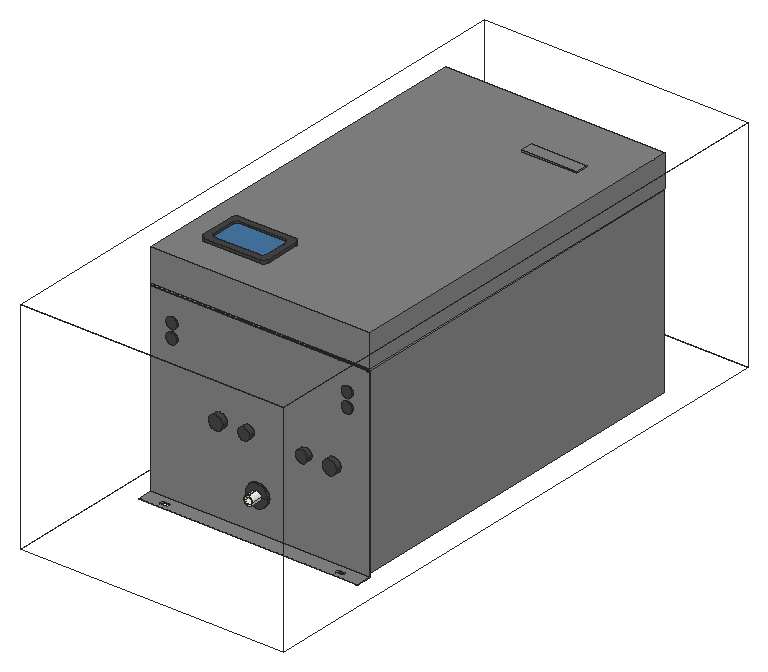
Revit family "Boiler-Weil_McLain-Simplicity-199MBH", category Mechanical Equipment, host Face, Revit 2020
Family settings
  Host = Face
  Round Connector Dimension = Use Diameter
  Part Type = Normal
  OmniClass Number = 23.75.10.11.14.14
  OmniClass Title = Condensing Boilers
  Cut with Voids When Loaded = No
  Shared = No
  Room Calculation Point = No
Parameters (values of type "199-C")
  Width = 1' - 8"  # constant formula
  Weight = "122 lb."  # constant formula
  Vent Option [instance] = if(and([Vent Connection - 2in], [Vent Connection - 3in]), "Select one Vent Option", if([Vent Connection - 2in], "Vent Connection | Size (2in)", if([Vent Connection - 3in], "Vent Connection | Size (3in)", "Select Vent Option")))  # "Select one Vent Option"
  Vent Material [instance] = "PVC (3\" only), CPVC, PP, SS"  # constant formula
  Vent Diameter [instance] = 3"  # constant formula
  Vent Description [instance] = "Intake Vent"  # constant formula
  Vent Connection - 3in [instance] = yes
  Vent Connection - 2in [instance] = yes
  Tank Capacity = "3.8 gal."  # constant formula
  Power Factor = 1  # constant formula
  Phase = 1  # constant formula
  Number of Poles = 1  # constant formula
  Model = "199-C"  # constant formula
  Maximum Input Rate = 150000.0 Btu/h
  Manufacturer = "Weil-McLain®"  # constant formula
  Keynote = ""
  Hot Water Connection Diameter = 3/4"  # constant formula
  Hot Water Connection Description = "Male NPT"  # constant formula
  Gas Supply Connection Diameter = 1/2"  # constant formula
  Gas Supply Connection Description = "Male NPT"  # constant formula
  Frequency = 60 Hz  # constant formula
  Exhaust Diameter [instance] = if([Vent Connection - 3in], 3", 2")  # 3"
  Exhaust Description [instance] = "Exhaust Vent"  # constant formula
  Copyright = "© Copyright - WM Technologies LLC 2015-2024"  # constant formula
  Condensate Tube Connection = 0' - 0 13/16"  # constant formula
  URL = "https://www.weil-mclain.com/"
  Product Page URL = ""
  Product Name = "Simplicity™"  # constant formula
  Product Documentation Link = ""
  Height = 2' - 10"  # constant formula
  Description = "Gas Boiler"  # constant formula
  Depth = 1' - 8"  # constant formula
  Default Elevation = 0' - 0"
  Clearance [instance] = yes
  Boiler Out Description = "Male NPT"  # constant formula
  Boiler Out Connection = 0' - 1"  # constant formula
  Boiler In Description = "Male NPT"  # constant formula
  Boiler In Connection = 0' - 1"  # constant formula
  Assembly Code = ""
Reference planes (in)
  plane 1 "Center (Front/Back)": y = 0.0592
  plane 2: z = 0
  plane 3 "Center (Left/Right)": x = 0
  plane 4: x = 10
  plane 5: x = -10
  plane 6: y = 17.0592
  plane 7: y = -16.9408
  plane 8: z = 20
Forms (in)
  Extrusion 1, solid, material "Metal - Weil McLain - Steel", detail levels fine
    sketch origin (0, 0, 0) x (0, 1, 0) y (0, 0, 1)
      loop
        line (-17.95, 0.05) -> (-17.95, 0) -> (-16.53, 0) -> (-16.53, 16.84205) -> (-16.58, 16.84205) -> (-16.58, 0.05) -> (-17.95, 0.05)
    from -10 to 10
  Extrusion 2, solid, material "Metal - Weil McLain - Steel", detail levels fine
    sketch origin (0, 0, 0) x (0, 1, 0) y (0, 0, 1)
      loop
        line (-16.5, 0.38) -> (17.00831, 0.38) -> (17.00831, 16.89102) -> (-16.5, 16.89102) -> (-16.5, 0.38)
    from -10 to 10
  Extrusion 3, solid, material "Metal - Weil McLain - Steel", detail levels fine
    sketch origin (0, 0, 3.95103) x (1, 0, 0) y (0, 1, 0)
      loop
        line (-9.75, -16.25) -> (9.75, -16.25) -> (9.75, 16.75831) -> (-9.75, 16.75831) -> (-9.75, -16.25)
    from 12.89102 to 13.04018
  Extrusion 4, solid, material "Metal - Weil McLain - Steel", detail levels fine
    sketch origin (0, 0, 0) x (0, 1, 0) y (0, 0, 1)
      loop
        line (-16.58, 17.04018) -> (17.0592, 17.04018) -> (17.0592, 20) -> (-16.58, 20) -> (-16.58, 17.04018)
    from -10 to 10
  Extrusion 5, solid, material "Metal - Weil McLain - Steel", detail levels fine
    sketch origin (0, 0, 0) x (1, 0, 0) y (0, 1, 0)
      loop
        line (1.98384, 11.92601) -> (1.98384, 10.77375) -> (7.01611, 10.77375) -> (7.01611, 11.92601) -> (1.98384, 11.92601)
    from 20 to 20.14023
  Extrusion 6, solid, material "Metal - Weil-Mclain - Paint Black", detail levels fine
    sketch origin (0, 0, 0) x (1, 0, 0) y (0, 1, 0)
      loop
        arc (-7.94958, -13.06472) -> (-7.81376, -13.39262) -> (-7.48586, -13.52843) r 0.46371
        line (-7.48586, -13.52843) -> (-2.49586, -13.52843)
        arc (-2.49586, -13.52843) -> (-2.16797, -13.39262) -> (-2.03215, -13.06472) r 0.46371
        line (-2.03215, -13.06472) -> (-2.03215, -9.97872)
        arc (-2.03215, -9.97872) -> (-2.16797, -9.65083) -> (-2.49586, -9.51501) r 0.46371
        line (-2.49586, -9.51501) -> (-7.48586, -9.51501)
        arc (-7.48586, -9.51501) -> (-7.81376, -9.65083) -> (-7.94958, -9.97872) r 0.46371
        line (-7.94958, -9.97872) -> (-7.94958, -13.06472)
      loop
        arc (-7.02967, -10.06188) -> (-7.29344, -10.17114) -> (-7.4027, -10.43492) r 0.37303
        line (-7.4027, -10.43492) -> (-7.4027, -12.60853)
        arc (-7.4027, -12.60853) -> (-7.29344, -12.8723) -> (-7.02967, -12.98156) r 0.37303
        line (-7.02967, -12.98156) -> (-2.95206, -12.98156)
        arc (-2.95206, -12.98156) -> (-2.68828, -12.8723) -> (-2.57902, -12.60853) r 0.37303
        line (-2.57902, -12.60853) -> (-2.57902, -10.43492)
        arc (-2.57902, -10.43492) -> (-2.68828, -10.17114) -> (-2.95206, -10.06188) r 0.37303
        line (-2.95206, -10.06188) -> (-7.02967, -10.06188)
    from 20 to 20.25
  Extrusion 7, solid, material "Screen - Weil-McLain - Display Screen", detail levels fine
    sketch origin (0, 0, 0) x (1, 0, 0) y (0, 1, 0)
      loop
        arc (-7.02967, -10.06188) -> (-7.29344, -10.17114) -> (-7.4027, -10.43492) r 0.37303
        line (-7.4027, -10.43492) -> (-7.4027, -12.60853)
        arc (-7.4027, -12.60853) -> (-7.29344, -12.8723) -> (-7.02967, -12.98156) r 0.37303
        line (-7.02967, -12.98156) -> (-2.95206, -12.98156)
        arc (-2.95206, -12.98156) -> (-2.68828, -12.8723) -> (-2.57902, -12.60853) r 0.37303
        line (-2.57902, -12.60853) -> (-2.57902, -10.43492)
        arc (-2.57902, -10.43492) -> (-2.68828, -10.17114) -> (-2.95206, -10.06188) r 0.37303
        line (-2.95206, -10.06188) -> (-7.02967, -10.06188)
    from 20.13392 to 20
  Extrusion 8, void
    sketch origin (0, 0, 0) x (1, 0, 0) y (0, 1, 0)
      loop
        arc (-8.2, -17.26) -> (-8.39, -17.45) -> (-8.2, -17.64) r 0.19
        line (-8.2, -17.64) -> (-7.8, -17.64)
        arc (-7.8, -17.64) -> (-7.61, -17.45) -> (-7.8, -17.26) r 0.19
        line (-7.8, -17.26) -> (-8.2, -17.26)
      loop
        line (8.2, -17.26) -> (7.8, -17.26)
        arc (7.8, -17.26) -> (7.61, -17.45) -> (7.8, -17.64) r 0.19
        line (7.8, -17.64) -> (8.2, -17.64)
        arc (8.2, -17.64) -> (8.39, -17.45) -> (8.2, -17.26) r 0.19
    from 0 to 0.05
  Revolve 9, solid, material "Plastic - Weil-Mclain - Plastic - White", detail levels fine
    sketch origin (-1.375, 0, 4.8292) x (1, 0, 0) y (0, 1, 0)
      loop
        line (-1.95042, 19.02347) -> (-2.15917, 19.02347) -> (-2.15917, 17.0592) -> (-2.07367, 17.0592) -> (-2.04525, 17.22036) -> (-1.86589, 17.22036) -> (-1.86589, 17.66953) -> (-2.00044, 17.66953) -> (-2.00044, 17.74151) -> (-1.86589, 17.74151) -> (-1.86589, 18.74094) -> (-2.05958, 18.74094) -> (-2.05958, 18.81242) -> (-1.95042, 18.81242) -> (-1.95042, 19.02347)
      axis (-3.82542, 19.02347) -> (-3.82542, 17.0592)
    angle from 0 to 360
  Extrusion 10, solid, material "Metal - Weil-Mclain - Paint Black"
    sketch origin (0, 0.0592, 6.27184) x (1, 0, 0) y (0, 0, 1)
      loop
        circle (8.20597, 5.24113) r 0.45217
      loop
        circle (8.20597, 6.49113) r 0.45217
    from -17.03422 to -16.94911
  Extrusion 11, solid, material "Plastic - Weil-Mclain - Plastic - White", detail levels fine
    sketch origin (-1.71578, 0.0592, 0) x (1, 0, 0) y (0, 0, 1)
      loop
        arc (4.6635, 6.24768) -> (4.37522, 6.94363) -> (3.67926, 7.23191) r 0.98423
        line (3.67926, 7.23191) -> (0.95634, 7.23191)
        arc (0.95634, 7.23191) -> (0.26038, 6.94363) -> (-0.02789, 6.24768) r 0.98423
        line (-0.02789, 6.24768) -> (-0.02789, 3.54539)
        arc (-0.02789, 3.54539) -> (0.26038, 2.84944) -> (0.95634, 2.56116) r 0.98423
        line (0.95634, 2.56116) -> (3.67926, 2.56116)
        arc (3.67926, 2.56116) -> (4.37522, 2.84944) -> (4.6635, 3.54539) r 0.98423
        line (4.6635, 3.54539) -> (4.6635, 6.24768)
    from -17.13512 to -16.94911
  Revolve 12, solid, material "Plastic - Weil-Mclain - Plastic - White", detail levels fine
    sketch origin (-1.71578, 0, 4.875) x (1, 0, 0) y (0, 1, 0)
      loop
        line (0.68305, 22.10073) -> (0.43305, 22.10073)
        arc (0.43305, 22.10073) -> (0.22277, 22.03443) -> (0.08855, 21.85951) r 0.36661
        line (0.08855, 21.85951) -> (0.08855, 19.6839) -> (0.16958, 19.6839)
        arc (0.16958, 19.6839) -> (0.31054, 18.47275) -> (0.08543, 17.27438) r 4.05896
        line (0.08543, 17.27438) -> (0.40659, 17.27438) -> (0.40659, 17.19432) -> (0.59409, 17.19432) -> (0.59409, 17.46188) -> (0.34112, 17.46188)
        arc (0.34112, 17.46188) -> (0.50016, 18.66888) -> (0.3102, 19.8714) r 4.24646
        line (0.3102, 19.8714) -> (0.27605, 19.8714) -> (0.27605, 21.82032)
        arc (0.27605, 21.82032) -> (0.34183, 21.88826) -> (0.43305, 21.91323) r 0.17911
        line (0.43305, 21.91323) -> (0.68305, 21.91323) -> (0.68305, 22.10073)
      axis (2.3178, 22.10073) -> (2.3178, 17.19432)
    angle from 0 to 360
  Revolve 13, solid, material "Plastic - Weil-Mclain - Plastic - White", detail levels fine
    sketch origin (0.60202, 0.03125, 0) x (0, 1, 0) y (0, 0, 1)
      loop
        line (18.0902, 7.61309) -> (17.73588, 7.70803) -> (17.33987, 6.99362) -> (17.65117, 6.82106) -> (18.0902, 7.61309)
      axis (18.0902, 7.61309) -> (17.65117, 6.82106)
    angle from 0 to 360
  Extrusion 14, solid, material "Metal - Weil-Mclain - Paint Black"
    sketch origin (-1.14081, 0.0592, -5.45044) x (1, 0, 0) y (0, 0, 1)
      loop
        circle (-2.52962, 13.53164) r 0.64429
      loop
        circle (7.84538, 13.53164) r 0.64429
      loop
        circle (0.03881, 13.51708) r 0.5457
      loop
        circle (5.28881, 13.51708) r 0.5457
    from 16.6392 to 17.11699
  Extrusion 15, solid, material "Metal - Weil-Mclain - Paint Black"
    sketch origin (0, 0.0592, 0) x (1, 0, 0) y (0, 0, 1)
      loop
        circle (-8.01941, 14.5211) r 0.5
      loop
        circle (-8.01941, 13.2711) r 0.5
      loop
        circle (7.97002, 14.50975) r 0.5
      loop
        circle (7.97002, 13.24113) r 0.5
    from 16.6392 to 16.71543
  Revolve 16, solid, material "Plastic - Weil-Mclain - Plastic - White"
    sketch origin (-2.45326, 0, 3.20657) x (1, 0, 0) y (0, 1, 0)
      loop
        line (1.29, -16.77) -> (1.88299, -16.77) -> (1.88299, -17.71272) -> (1.96183, -17.71272) -> (1.96183, -16.58) -> (1.29, -16.58) -> (1.29, -16.77)
      axis (2.29, -17.71272) -> (2.29, -16.58)
    angle from 0 to 360
  Extrusion 17, solid, material "Metal - Weil McLain - Steel", detail levels coarse+medium
    sketch origin (0, 0, 0) x (1, 0, 0) y (0, 1, 0)
      loop
        line (-10, 17.0592) -> (-10, -16.58) -> (10, -16.58) -> (10, 17.0592) -> (-10, 17.0592)
    from 0 to 20
  Extrusion 18, solid, material "Metal - Weil McLain - Steel", detail levels coarse+medium
    sketch origin (0, 0, 0) x (0, 1, 0) y (0, 0, 1)
      loop
        line (-17.95, 0.05) -> (-17.95, 0) -> (-16.58, 0) -> (-16.58, 0.05) -> (-17.95, 0.05)
    from -10 to 10
  Revolve 19, solid, material "Metal - Weil-Mclain - Paint Black", detail levels coarse+medium
    sketch origin (-0.95166, 0, 12.96639) x (1, 0, 0) y (0, 1, 0)
      loop
        line (-6.51775, 20.94111) -> (-6.93731, 20.94111) -> (-6.93731, 17.24665) -> (-7.51124, 17.24665) -> (-7.51124, 17.0592) -> (-6.51775, 17.0592) -> (-6.51775, 20.94111)
      axis (-6.51775, 17.0592) -> (-6.51775, 20.94111)
    angle from 0 to 360
  Revolve 20, solid, material "Plastic - Weil-Mclain - Plastic - White", detail levels coarse+medium
    sketch origin (-1.375, 0, 4.85122) x (1, 0, 0) y (0, 1, 0)
      loop
        line (-5.70042, 19.02347) -> (-5.70042, 17.0592) -> (-3.82542, 17.0592) -> (-3.82542, 19.02347) -> (-5.70042, 19.02347)
      axis (-3.82542, 17.0592) -> (-3.82542, 19.02347)
    angle from 0 to 360
  Revolve 21, solid, material "Plastic - Weil-Mclain - Plastic - White", detail levels coarse+medium
    sketch origin (-1.71875, 0, 4.86996) x (1, 0, 0) y (0, 1, 0)
      loop
        line (2.3178, 22.10073) -> (0, 22.10073) -> (0, 17.0592) -> (2.3178, 17.0592) -> (2.3178, 22.10073)
      axis (2.3178, 17.0592) -> (2.3178, 22.10073)
    angle from 0 to 360
  Revolve 22, solid, material "Metal - Weil McLain - Steel", detail levels coarse+medium
    sketch origin (0, 0, 8.07263) x (1, 0, 0) y (0, 1, 0)
      loop
        line (6.71196, 18.69716) -> (6.14885, 18.69716) -> (6.14885, 17.0592) -> (6.71196, 17.0592) -> (6.71196, 18.69716)
      axis (6.71196, 18.69716) -> (6.71196, 17.0592)
    angle from 0 to 360
  Extrusion 23, solid, material "Clearances - Weil McLain", visible <- "Clearance"
    sketch origin (0, 0, 0) x (1, 0, 0) y (0, 1, 0)
      loop
        line (-12, 24.10073) -> (-12, -28.9408) -> (12, -28.9408) -> (12, 24.10073) -> (-12, 24.10073)
    from 0 to 20
  Revolve 24, solid, material "Plastic - Weil-Mclain - Plastic - White", detail levels fine
    sketch origin (-1.375, 0, 4.8292) x (1, 0, 0) y (0, 1, 0)
      loop
        line (-1.95042, 19.02347) -> (-2.15917, 19.02347) -> (-2.15917, 17.0592) -> (-2.07367, 17.0592) -> (-2.04525, 17.22036) -> (-1.86589, 17.22036) -> (-1.86589, 17.66953) -> (-2.00044, 17.66953) -> (-2.00044, 17.74151) -> (-1.86589, 17.74151) -> (-1.86589, 18.74094) -> (-2.05958, 18.74094) -> (-2.05958, 18.81242) -> (-1.95042, 18.81242) -> (-1.95042, 19.02347)
      axis (-3.82542, 19.02347) -> (-3.82542, 17.0592)
    angle from 0 to 360
  Extrusion 25, solid, material "Plastic - Weil-Mclain - Plastic - White", detail levels fine
    sketch origin (-1.375, 0.0592, -0.0625) x (1, 0, 0) y (0, 0, 1)
      loop
        arc (-2.55267, 6.96483) -> (-2.99083, 7.45007) -> (-3.63053, 7.31504) r 0.6554
        arc (-3.63053, 7.31504) -> (-5.39307, 6.70986) -> (-6.23766, 5.0487) r 2.48201
        arc (-6.23766, 5.0487) -> (-6.46728, 4.34742) -> (-6.00638, 3.77115) r 0.77595
        arc (-6.00638, 3.77115) -> (-4.53454, 2.59443) -> (-2.65455, 2.72342) r 2.59573
        arc (-2.65455, 2.72342) -> (-2.01554, 2.86059) -> (-1.81233, 3.48177) r 0.65585
        arc (-1.81233, 3.48177) -> (-1.48935, 5.37063) -> (-2.55267, 6.96483) r 2.59099
    from -17.03422 to -16.94911
  Extrusion 26, solid, material "Metal - Weil McLain - Steel", detail levels fine
    sketch origin (6.80706, 0.0592, -1.54428) x (1, 0, 0) y (0, 0, 1)
      loop
        line (0, 10.29359) -> (-0.61398, 9.93911) -> (-0.61398, 9.23014) -> (0, 8.87566) -> (0.61398, 9.23014) -> (0.61398, 9.93911) -> (0, 10.29359)
    from -17.69796 to -17.33796
  Revolve 27, solid, material "Metal - Weil McLain - Steel", detail levels fine
    sketch origin (0.12574, 0, 8.01822) x (1, 0, 0) y (0, 1, 0)
      loop
        line (6.15303, 17.75716) -> (6.68131, 17.75716) -> (6.68131, 18.69716) -> (6.11821, 18.69716) -> (6.11821, 18.01379) -> (6.17549, 18.01379) -> (6.15303, 17.75716)
      loop
        line (6.68131, 17.43733) -> (6.11131, 17.43733) -> (6.11131, 17.13385) -> (5.80179, 17.13385) -> (5.80179, 17.0592) -> (6.68131, 17.0592) -> (6.68131, 17.43733)
      axis (6.68131, 18.69716) -> (6.68131, 17.0592)
    angle from 0 to 360
  Extrusion 28, solid, material "Plastic - Weil-Mclain - Plastic - White", detail levels fine
    sketch origin (1.12497, 0.0592, 6.06147) x (0.965926, 0, 0.258819) y (-0.258819, 0, 0.965926)
      loop
        arc (-6.19327, 10.60919) -> (-6.50468, 10.8021) -> (-6.81609, 10.60919) r 0.3478
        line (-6.81609, 10.60919) -> (-6.89654, 10.20373)
        arc (-6.89654, 10.20373) -> (-7.10254, 10.00716) -> (-7.33329, 9.84032) r 2.09602
        arc (-7.33329, 9.84032) -> (-7.69833, 9.37477) -> (-7.8397, 8.80031) r 1.40691
        line (-7.8397, 8.80031) -> (-7.87902, 7.4673)
        arc (-7.87902, 7.4673) -> (-7.74853, 7.15229) -> (-7.43352, 7.0218) r 0.4455
        line (-7.43352, 7.0218) -> (-5.57584, 7.0218)
        arc (-5.57584, 7.0218) -> (-5.26082, 7.15229) -> (-5.13034, 7.4673) r 0.4455
        line (-5.13034, 7.4673) -> (-5.16965, 8.80031)
        arc (-5.16965, 8.80031) -> (-5.31103, 9.37477) -> (-5.67607, 9.84032) r 1.40691
        arc (-5.67607, 9.84032) -> (-5.90681, 10.00716) -> (-6.11282, 10.20373) r 2.09602
        line (-6.11282, 10.20373) -> (-6.19327, 10.60919)
    from -17 to -16.94911
  Revolve 29, solid, material "Metal - Weil-Mclain - Paint Black", detail levels fine
    sketch origin (-1.1735, 0, 14.63949) x (0.965926, 0, 0.258819) y (0, 1, 0)
      loop
        line (-7.51124, 17.24665) -> (-7.51124, 17.0592) -> (-6.51775, 17.0592) -> (-6.51775, 20.94111) -> (-6.89575, 20.94111) -> (-6.93731, 20.19111) -> (-6.93731, 17.24665) -> (-7.51124, 17.24665)
      axis (-6.51775, 20.94111) -> (-6.51775, 17.0592)
    angle from 0 to 360
  Extrusion 30, solid, material "Metal - Weil McLain - Steel", detail levels fine
    sketch origin (1.12497, 0, 6.06147) x (0.965926, 0, 0.258819) y (0, 1, 0)
      loop
        circle (-7.13706, 18.08165) r 0.125
      loop
        circle (-5.88437, 18.08165) r 0.125
    from 7.69844 to 8.95
  Extrusion 31, solid, material "Metal - Weil McLain - Steel", detail levels fine
    sketch origin (2.16025, 0, 2.19776) x (0, 1, 0) y (-0.258819, 0, 0.965926)
      loop
        line (18.46636, 12.44774) -> (17.48938, 12.44774)
        arc (17.48938, 12.44774) -> (17.37664, 12.41219) -> (17.30467, 12.3184) r 0.19657
        line (17.30467, 12.3184) -> (17.30467, 11.87544) -> (17.36326, 11.87544) -> (17.36326, 12.30713)
        arc (17.36326, 12.30713) -> (17.41416, 12.36684) -> (17.48938, 12.38915) r 0.13798
        line (17.48938, 12.38915) -> (18.46636, 12.38915) -> (18.46636, 12.44774)
    from -7.91061 to -5.11082
  Extrusion 32, void
    sketch origin (1.12497, 0, 6.06147) x (0.965926, 0, 0.258819) y (0, 1, 0)
      loop
        arc (-7.47668, 18.20665) -> (-7.60168, 18.08165) -> (-7.47668, 17.95665) r 0.125
        line (-7.47668, 17.95665) -> (-5.53739, 17.95665)
        arc (-5.53739, 17.95665) -> (-5.41239, 18.08165) -> (-5.53739, 18.20665) r 0.125
        line (-5.53739, 18.20665) -> (-7.47668, 18.20665)
    from 8.38915 to 8.44774
  Extrusion 33, solid, material "Metal - Weil McLain - Steel", detail levels fine
    sketch origin (-5.76226, 0, 4.21604) x (0.965926, 0, 0.258819) y (0, 1, 0)
      loop
        line (0, 18.30747) -> (-0.20257, 18.19052) -> (-0.20257, 17.95662) -> (0, 17.83967) -> (0.20257, 17.95662) -> (0.20257, 18.19052) -> (0, 18.30747)
      loop
        line (1.23894, 18.30747) -> (1.03638, 18.19052) -> (1.03638, 17.95662) -> (1.23894, 17.83967) -> (1.44151, 17.95662) -> (1.44151, 18.19052) -> (1.23894, 18.30747)
    from 8.12778 to 8.38915
Cuts and joins
  Extrusion 8 cuts Extrusion 1
  joined: Extrusion 1, Extrusion 2, Extrusion 3, Extrusion 5
  joined: Revolve 12, Revolve 13
  Extrusion 32 cuts Extrusion 23
Dimensions and locks (in)
  equal spacing: plane 5, plane 3 "Center (Left/Right)", plane 4
  "Width": plane 5 to plane 4
  "Height": plane 6 to plane 7
  equal spacing: plane 6, plane 1 "Center (Front/Back)", plane 7
  "Depth": plane 8 to host face
  locked: Extrusion 5 to plane 8 at 0.14023
  aligned and locked: plane 2 to host face
  aligned and locked: level to host face
  aligned and locked: Extrusion 1 to plane 5
  aligned and locked: Extrusion 1 to plane 4
  aligned and locked: Extrusion 2 to plane 5
  aligned and locked: Extrusion 2 to plane 4
  aligned and locked: Extrusion 1 to Extrusion 3
  aligned and locked: Extrusion 4 to plane 4
  aligned and locked: Extrusion 4 to plane 5
  aligned and locked: plane 6 to Extrusion 4
  aligned and locked: Extrusion 5 to plane 8
  aligned and locked: Extrusion 6 to plane 8
  aligned and locked: Extrusion 1 to Extrusion 8
  aligned and locked: plane 8 to Extrusion 17
  aligned and locked: Extrusion 17 to level
  aligned and locked: Extrusion 7 to plane 8
  aligned and locked: plane 8 to Extrusion 23
Automatic sketch dimensions
  host sketch curve to host sketch curve = 8' - 0"  (x2)
  Extrusion 1 sketch curve to level = 0' - 0"
  level to Extrusion 1 sketch curve = 0' - 0.05"
  plane 7 to Extrusion 1 sketch curve = 0' - 1.0092"
  Extrusion 1 sketch curve to plane 7 = 0' - 0.3608"
  Extrusion 1 sketch curve to Extrusion 1 sketch curve = 0' - 0.05"
  Extrusion 1 sketch curve to plane 8 = 0' - 3.15795"
  Extrusion 2 sketch curve to plane 7 = 0' - 0.4408"
  Extrusion 2 sketch curve to plane 6 = 0' - 0.05089"
  level to Extrusion 2 sketch curve = 0' - 0.38"
  Extrusion 2 sketch curve to plane 8 = 0' - 3.10898"
  plane 5 to Extrusion 3 sketch curve = 0' - 0 1/4"
  plane 4 to Extrusion 3 sketch curve = 0' - 0 1/4"
  Extrusion 3 sketch curve to plane 7 = 0' - 0.6908"
  Extrusion 3 sketch curve to plane 6 = 0' - 0.30089"
  Extrusion 4 sketch curve to plane 8 = 0' - 0"
  Extrusion 4 sketch curve to plane 6 = 0' - 0"
  Extrusion 4 sketch curve to plane 7 = 0' - 0.3608"
  Extrusion 4 sketch curve to Extrusion 4 sketch curve = 0' - 2.95982"
  plane 3 "Center (Left/Right)" to Extrusion 5 sketch curve = 0' - 1.98384"
  plane 4 to Extrusion 5 sketch curve = 0' - 2.98389"
  Extrusion 5 sketch curve to plane 6 = 0' - 6.28545"
  Extrusion 5 sketch curve to Extrusion 5 sketch curve = 0' - 1.15227"
  plane 5 to Extrusion 6 sketch curve = 0' - 2.05042"
  Extrusion 6 sketch curve to Extrusion 6 sketch curve = 0' - 0.46371"  (x3)
  Extrusion 6 sketch curve to Extrusion 6 sketch curve = 0' - 0.08316"  (x3)
  Extrusion 6 sketch curve to Extrusion 6 sketch curve = 0' - 0.37303"  (x3)
  Extrusion 6 sketch curve to plane 3 "Center (Left/Right)" = 0' - 2.95206"
  Extrusion 6 sketch curve to Extrusion 6 sketch curve = 0' - 0"
  Extrusion 6 sketch curve to Extrusion 6 sketch curve = 0' - 0.45619"  (x2)
  Extrusion 6 sketch curve to plane 7 = 0' - 3.41236"
  Extrusion 6 sketch curve to Extrusion 6 sketch curve = 0' - 2.17361"
  plane 5 to Extrusion 7 sketch curve = 0' - 2.5973"
  Extrusion 7 sketch curve to Extrusion 7 sketch curve = 0' - 0.37303"  (x3)
  Extrusion 7 sketch curve to plane 3 "Center (Left/Right)" = 0' - 2.95206"
  Extrusion 7 sketch curve to Extrusion 7 sketch curve = 0' - 0"
  Extrusion 7 sketch curve to plane 7 = 0' - 3.95924"
  Extrusion 7 sketch curve to Extrusion 7 sketch curve = 0' - 2.17361"
  plane 7 to Extrusion 8 sketch curve = 0' - 0.3192"
  plane 5 to Extrusion 8 sketch curve = 0' - 1.8"
  Extrusion 8 sketch curve to Extrusion 8 sketch curve = 0' - 0.4"  (x2)
  plane 7 to Extrusion 8 sketch curve = 0' - 0 179/256"
  plane 4 to Extrusion 8 sketch curve = 0' - 2.2"
  Extrusion 8 sketch curve to Extrusion 8 sketch curve = 0' - 0.38"
  Extrusion 8 sketch curve to Extrusion 8 sketch curve = 0' - 0.19"
  Revolve 9 sketch curve to plane 6 = 0' - 0"  (x2)
  Revolve 9 sketch curve to plane 3 "Center (Left/Right)" = 0' - 3.53417"
  Revolve 9 sketch curve to Revolve 9 sketch curve = 0' - 0.08549"
  Revolve 9 sketch curve to Revolve 9 sketch curve = 0' - 0.09958"
  plane 6 to Revolve 9 sketch curve = 0' - 0.16116"
  Revolve 9 sketch curve to Revolve 9 sketch curve = 0' - 0.02842"
  Revolve 9 sketch curve to Revolve 9 sketch curve = 0' - 0.04481"
  Revolve 9 sketch curve to Revolve 9 sketch curve = 0' - 0.10916"
  Revolve 9 sketch curve to Revolve 9 sketch curve = 0' - 0.13455"
  Revolve 9 sketch curve to Revolve 9 sketch curve = 0' - 0"
  Revolve 9 sketch curve to Revolve 9 sketch curve = 0' - 0.44917"
  Revolve 9 sketch curve to Revolve 9 sketch curve = 0' - 0.07198"
  Revolve 9 sketch curve to Revolve 9 sketch curve = 0' - 0.99942"
  Revolve 9 sketch curve to Revolve 9 sketch curve = 0' - 0.07148"
  Revolve 9 sketch curve to Revolve 9 sketch curve = 0' - 0.21105"
  Revolve 9 sketch curve to plane 6 = 0' - 0 1/4"
  Revolve 9 sketch curve to Revolve 9 sketch curve = 0' - 1.66626"
  plane 4 to Extrusion 10 sketch curve = 0' - 1.79403"
  Extrusion 10 sketch curve to Extrusion 10 sketch curve = 0' - 0"
  level to Extrusion 10 sketch curve = 0' - 11.51298"
  Extrusion 10 sketch curve to Extrusion 10 sketch curve = 0' - 1 1/4"
  Extrusion 11 sketch curve to plane 3 "Center (Left/Right)" = 0' - 1.74368"
  Extrusion 11 sketch curve to plane 3 "Center (Left/Right)" = 0' - 0.75944"  (x2)
  plane 3 "Center (Left/Right)" to Extrusion 11 sketch curve = 0' - 1.96348"  (x2)
  Extrusion 11 sketch curve to Extrusion 11 sketch curve = 0' - 0.98423"
  level to Extrusion 11 sketch curve = 0' - 2.56116"
  Extrusion 11 sketch curve to Extrusion 11 sketch curve = 0' - 2.70228"
  Revolve 12 sketch curve to Revolve 12 sketch curve = 0' - 0"  (x4)
  plane 6 to Revolve 12 sketch curve = 0' - 1.5552"
  plane 5 to Revolve 12 sketch curve = 0' - 4.53827"
  plane 6 to Revolve 12 sketch curve = 0' - 0.21518"
  Revolve 12 sketch curve to plane 3 "Center (Left/Right)" = 0' - 1.63035"
  Revolve 12 sketch curve to plane 3 "Center (Left/Right)" = 0' - 1.62724"
  Revolve 12 sketch curve to Revolve 12 sketch curve = 0' - 0.08103"
  Revolve 12 sketch curve to Revolve 12 sketch curve = 0' - 0.10647"
  Revolve 12 sketch curve to Revolve 12 sketch curve = 0' - 0.03416"
  Revolve 12 sketch curve to Revolve 12 sketch curve = 0' - 0.25568"
  Revolve 12 sketch curve to Revolve 12 sketch curve = 0' - 0.06548"
  Revolve 12 sketch curve to Revolve 12 sketch curve = 0' - 0.157"
  Revolve 12 sketch curve to Revolve 12 sketch curve = 0' - 0.25298"
  Revolve 12 sketch curve to Revolve 12 sketch curve = 0' - 0 1/4"
  Revolve 12 sketch curve to Revolve 12 sketch curve = 0' - 0.08005"
  Revolve 12 sketch curve to Revolve 12 sketch curve = 0' - 0 3/16"
  Revolve 12 sketch curve to Revolve 12 sketch curve = 0' - 1.86272"
  Revolve 12 sketch curve to Revolve 12 sketch curve = 0' - 0.0862"
  Revolve 12 sketch curve to Revolve 12 sketch curve = 0' - 0.03918"
  plane 3 "Center (Left/Right)" to Revolve 12 sketch curve = 0' - 0.60202"
  plane 6 to Revolve 12 sketch curve = 0' - 0.13512"
  Revolve 12 sketch curve to plane 6 = 0' - 0.36488"
  plane 6 to Revolve 13 sketch curve = 0' - 0.31192"
  Revolve 13 sketch curve to Revolve 13 sketch curve = 0' - 0.3113"
  plane 6 to Revolve 13 sketch curve = 0' - 0.70793"
  Revolve 13 sketch curve to Revolve 13 sketch curve = 0' - 0.35432"
  level to Revolve 13 sketch curve = 0' - 6.82106"
  Revolve 13 sketch curve to Revolve 13 sketch curve = 0' - 0.17256"
  Revolve 13 sketch curve to Revolve 13 sketch curve = 0' - 0.0899"
  Revolve 13 sketch curve to Revolve 13 sketch curve = 0' - 0"  (x2)
  Revolve 13 sketch curve to Revolve 13 sketch curve = 0' - 0.16218"
  Extrusion 14 sketch curve to plane 3 "Center (Left/Right)" = 0' - 3.67043"
  Extrusion 14 sketch curve to plane 3 "Center (Left/Right)" = 0' - 1.10199"
  plane 4 to Extrusion 14 sketch curve = 0' - 5.85199"
  plane 4 to Extrusion 14 sketch curve = 0' - 3.29543"
  Extrusion 14 sketch curve to plane 8 = 0' - 11.93336"
  Extrusion 14 sketch curve to Extrusion 14 sketch curve = 0' - 0"
  Extrusion 14 sketch curve to Extrusion 14 sketch curve = 0' - 0.01456"  (x2)
  plane 5 to Extrusion 15 sketch curve = 0' - 1.98059"
  Extrusion 15 sketch curve to Extrusion 15 sketch curve = 0' - 0"  (x2)
  plane 4 to Extrusion 15 sketch curve = 0' - 2.02998"
  level to Extrusion 15 sketch curve = 1' - 1.24113"
  Extrusion 15 sketch curve to Extrusion 15 sketch curve = 0' - 1.26862"
  level to Extrusion 15 sketch curve = 1' - 1.2711"
  Extrusion 15 sketch curve to Extrusion 15 sketch curve = 0' - 1 1/4"
  Revolve 16 sketch curve to plane 7 = 0' - 0.1708"
  Revolve 16 sketch curve to plane 3 "Center (Left/Right)" = 0' - 1.16326"
  Revolve 16 sketch curve to Revolve 16 sketch curve = 0' - 0.59299"
  Revolve 16 sketch curve to Revolve 16 sketch curve = 0' - 0.07884"
  plane 7 to Revolve 16 sketch curve = 0' - 0.77192"
  Revolve 16 sketch curve to Revolve 16 sketch curve = 0' - 0.19"
  Revolve 16 sketch curve to Revolve 16 sketch curve = 0' - 0.32817"
  Revolve 16 sketch curve to Revolve 16 sketch curve = 0' - 0"
  Revolve 16 sketch curve to Revolve 16 sketch curve = 0' - 0 1/4"
  Extrusion 17 sketch curve to plane 5 = 0' - 0"
  Extrusion 17 sketch curve to plane 4 = 0' - 0"
  Extrusion 17 sketch curve to plane 6 = 0' - 0"
  Extrusion 17 sketch curve to plane 7 = 0' - 0.3608"
  Extrusion 18 sketch curve to level = 0' - 0"
  plane 7 to Extrusion 18 sketch curve = 0' - 1.0092"
  Extrusion 18 sketch curve to plane 7 = 0' - 0.3608"
  Extrusion 18 sketch curve to Extrusion 18 sketch curve = 0' - 0.05"
  Revolve 19 sketch curve to plane 6 = 0' - 0"
  plane 6 to Revolve 19 sketch curve = 0' - 0.18745"
  plane 5 to Revolve 19 sketch curve = 0' - 1.5371"
  Revolve 19 sketch curve to Revolve 19 sketch curve = 0' - 0.57393"
  Revolve 19 sketch curve to Revolve 19 sketch curve = 0' - 0.41957"
  Revolve 19 sketch curve to Revolve 19 sketch curve = 0' - 3.69446"
  Revolve 19 sketch curve to Revolve 19 sketch curve = 0' - 0"  (x2)
  Revolve 19 sketch curve to Revolve 19 sketch curve = 0' - 0 1/2"
  Revolve 20 sketch curve to plane 6 = 0' - 0"
  plane 5 to Revolve 20 sketch curve = 0' - 2.92458"
  Revolve 20 sketch curve to Revolve 20 sketch curve = 0' - 1 7/8"
  Revolve 20 sketch curve to Revolve 20 sketch curve = 0' - 1.96427"
  Revolve 20 sketch curve to Revolve 20 sketch curve = 0' - 0"  (x2)
  Revolve 20 sketch curve to Revolve 20 sketch curve = 0' - 0 1/2"
  Revolve 21 sketch curve to plane 6 = 0' - 0"
  Revolve 21 sketch curve to plane 3 "Center (Left/Right)" = 0' - 1 23/32"
  plane 3 "Center (Left/Right)" to Revolve 21 sketch curve = 0' - 0.59905"
  Revolve 21 sketch curve to Revolve 21 sketch curve = 0' - 5.04153"
  Revolve 21 sketch curve to Revolve 21 sketch curve = 0' - 0"  (x2)
  Revolve 21 sketch curve to Revolve 21 sketch curve = 0' - 0 3/4"
  Revolve 22 sketch curve to plane 6 = 0' - 0"  (x2)
  plane 4 to Revolve 22 sketch curve = 0' - 3.85115"
  Revolve 22 sketch curve to Revolve 22 sketch curve = 0' - 0.56311"
  plane 6 to Revolve 22 sketch curve = 0' - 1.63796"
  Revolve 22 sketch curve to Revolve 22 sketch curve = 0' - 0"
  Revolve 22 sketch curve to Revolve 22 sketch curve = 0' - 0 1/4"
  Extrusion 23 sketch curve to plane 5 = 0' - 2"
  Extrusion 23 sketch curve to plane 4 = 0' - 2"
  plane 7 to Extrusion 23 sketch curve = 1' - 0"
  plane 6 to Extrusion 23 sketch curve = 0' - 7.04153"
  Revolve 24 sketch curve to plane 6 = 0' - 0"  (x2)
  Revolve 24 sketch curve to plane 3 "Center (Left/Right)" = 0' - 3.53417"
  Revolve 24 sketch curve to Revolve 24 sketch curve = 0' - 0.08549"
  Revolve 24 sketch curve to Revolve 24 sketch curve = 0' - 0.09958"
  plane 6 to Revolve 24 sketch curve = 0' - 0.16116"
  Revolve 24 sketch curve to Revolve 24 sketch curve = 0' - 0.02842"
  Revolve 24 sketch curve to Revolve 24 sketch curve = 0' - 0.04481"
  Revolve 24 sketch curve to Revolve 24 sketch curve = 0' - 0.10916"
  Revolve 24 sketch curve to Revolve 24 sketch curve = 0' - 0.13455"
  Revolve 24 sketch curve to Revolve 24 sketch curve = 0' - 0"
  Revolve 24 sketch curve to Revolve 24 sketch curve = 0' - 0.44917"
  Revolve 24 sketch curve to Revolve 24 sketch curve = 0' - 0.07198"
  Revolve 24 sketch curve to Revolve 24 sketch curve = 0' - 0.99942"
  Revolve 24 sketch curve to Revolve 24 sketch curve = 0' - 0.07148"
  Revolve 24 sketch curve to Revolve 24 sketch curve = 0' - 0.21105"
  Revolve 24 sketch curve to plane 6 = 0' - 0 1/4"
  Revolve 24 sketch curve to Revolve 24 sketch curve = 0' - 1.66626"
  plane 5 to Extrusion 25 sketch curve = 0' - 2.92125"
  Extrusion 25 sketch curve to Extrusion 25 sketch curve = 0' - 1.68003"
  Extrusion 25 sketch curve to Extrusion 25 sketch curve = 0' - 0.259"
  Extrusion 25 sketch curve to Extrusion 25 sketch curve = 0' - 0.00462"
  Extrusion 25 sketch curve to Extrusion 25 sketch curve = 0' - 0.56674"
  Extrusion 25 sketch curve to Extrusion 25 sketch curve = 0' - 1.31034"
  level to Extrusion 25 sketch curve = 0' - 3.28548"
  Extrusion 25 sketch curve to Extrusion 25 sketch curve = 0' - 1.13767"
  Extrusion 25 sketch curve to Extrusion 25 sketch curve = 0' - 0.34629"
  Extrusion 25 sketch curve to Extrusion 25 sketch curve = 0' - 0.00473"
  Extrusion 25 sketch curve to Extrusion 25 sketch curve = 0' - 0.23528"
  Extrusion 25 sketch curve to Extrusion 25 sketch curve = 0' - 1.75479"
  Extrusion 25 sketch curve to Extrusion 25 sketch curve = 0' - 0.30264"
  Extrusion 25 sketch curve to Extrusion 25 sketch curve = 0' - 0.53391"
  Extrusion 25 sketch curve to Extrusion 25 sketch curve = 0' - 0.43717"
  Extrusion 25 sketch curve to Extrusion 25 sketch curve = 0' - 0.20017"
  Extrusion 25 sketch curve to Extrusion 25 sketch curve = 0' - 0.64069"
  Extrusion 25 sketch curve to Extrusion 25 sketch curve = 0' - 0.64206"
  plane 4 to Extrusion 26 sketch curve = 0' - 3.80692"
  Extrusion 26 sketch curve to Extrusion 26 sketch curve = 0' - 0.61398"  (x3)
  level to Extrusion 26 sketch curve = 0' - 7.33138"
  Extrusion 26 sketch curve to Extrusion 26 sketch curve = 0' - 0.35448"  (x3)
  Extrusion 26 sketch curve to Extrusion 26 sketch curve = 0' - 0.70896"  (x2)
  Revolve 27 sketch curve to plane 6 = 0' - 0"  (x2)
  plane 6 to Revolve 27 sketch curve = 0' - 0.07465"
  plane 4 to Revolve 27 sketch curve = 0' - 4.07247"
  Revolve 27 sketch curve to Revolve 27 sketch curve = 0' - 0.30953"
  Revolve 27 sketch curve to Revolve 27 sketch curve = 0' - 0.00689"
  plane 6 to Revolve 27 sketch curve = 0' - 0.69796"
  Revolve 27 sketch curve to Revolve 27 sketch curve = 0' - 0.03483"
  plane 6 to Revolve 27 sketch curve = 0' - 0.95459"
  Revolve 27 sketch curve to Revolve 27 sketch curve = 0' - 0.05728"
  Revolve 27 sketch curve to Revolve 27 sketch curve = 0' - 0.57"
  Revolve 27 sketch curve to Revolve 27 sketch curve = 0' - 0.56311"
  Revolve 27 sketch curve to Revolve 27 sketch curve = 0' - 0.30348"
  Revolve 27 sketch curve to Revolve 27 sketch curve = 0' - 0.68337"
  Revolve 27 sketch curve to Revolve 27 sketch curve = 0' - 0"
  Revolve 27 sketch curve to Revolve 27 sketch curve = 0' - 0.18664"
  plane 4 to Extrusion 28 sketch curve = 1' - 8.03758"
  Extrusion 28 sketch curve to plane 8 = 0' - 4.90133"
  Extrusion 28 sketch curve to Extrusion 28 sketch curve = 0' - 0.56418"
  Extrusion 28 sketch curve to Extrusion 28 sketch curve = 0' - 0.03931"
  Extrusion 28 sketch curve to Extrusion 28 sketch curve = 0' - 0.4455"  (x2)
  Extrusion 28 sketch curve to Extrusion 28 sketch curve = 0' - 0.94316"
  Extrusion 28 sketch curve to Extrusion 28 sketch curve = 0' - 0.08045"  (x2)
  Extrusion 28 sketch curve to Extrusion 28 sketch curve = 0' - 1.26375"  (x2)
  Extrusion 28 sketch curve to Extrusion 28 sketch curve = 0' - 0.31141"  (x2)
  Extrusion 28 sketch curve to Extrusion 28 sketch curve = 0' - 0.14256"
  Extrusion 28 sketch curve to Extrusion 28 sketch curve = 0' - 1.85768"
  Extrusion 28 sketch curve to Extrusion 28 sketch curve = 0' - 1.62711"
  Extrusion 28 sketch curve to Extrusion 28 sketch curve = 0' - 0"  (x2)
  Extrusion 28 sketch curve to Extrusion 28 sketch curve = 0' - 1.00916"
  Extrusion 28 sketch curve to Extrusion 28 sketch curve = 0' - 0.1549"
  Extrusion 28 sketch curve to Extrusion 28 sketch curve = 0' - 0.40546"  (x2)
  Extrusion 28 sketch curve to Extrusion 28 sketch curve = 0' - 1.40342"  (x2)
  Extrusion 28 sketch curve to Extrusion 28 sketch curve = 0' - 0.04147"
  Extrusion 28 sketch curve to Extrusion 28 sketch curve = 0' - 1.33301"
  Revolve 29 sketch curve to plane 6 = 0' - 0"  (x2)
  plane 6 to Revolve 29 sketch curve = 0' - 0.18745"
  Revolve 29 sketch curve to Revolve 29 sketch curve = 0' - 0.57393"
  Revolve 29 sketch curve to Revolve 29 sketch curve = 0' - 0.04156"
  Revolve 29 sketch curve to Revolve 29 sketch curve = 0' - 0.378"
  Revolve 29 sketch curve to Revolve 29 sketch curve = 0' - 2.94446"
  Revolve 29 sketch curve to Revolve 29 sketch curve = 0' - 0 3/4"
  Revolve 29 sketch curve to Revolve 29 sketch curve = 0' - 0"
  Revolve 29 sketch curve to Revolve 29 sketch curve = 0' - 0 1/4"
  plane 6 to Extrusion 30 sketch curve = 0' - 1.02245"  (x2)
  Extrusion 30 sketch curve to Extrusion 30 sketch curve = 0' - 1.25269"
  Extrusion 31 sketch curve to Extrusion 31 sketch curve = 0' - 0"  (x2)
  plane 6 to Extrusion 31 sketch curve = 0' - 0.24547"
  Extrusion 31 sketch curve to Extrusion 31 sketch curve = 0' - 0 15/256"
  Extrusion 31 sketch curve to Extrusion 31 sketch curve = 0' - 0.12612"
  Extrusion 31 sketch curve to Extrusion 31 sketch curve = 0' - 0.97697"
  Extrusion 31 sketch curve to Extrusion 31 sketch curve = 0' - 0.37573"
  Extrusion 31 sketch curve to Extrusion 31 sketch curve = 0' - 0.05595"
  Extrusion 31 sketch curve to Extrusion 31 sketch curve = 0' - 0.01128"
  plane 6 to Extrusion 32 sketch curve = 0' - 1.02245"
  Extrusion 32 sketch curve to Extrusion 32 sketch curve = 0' - 1.93929"
  Extrusion 32 sketch curve to Extrusion 32 sketch curve = 0' - 0 1/8"
  plane 6 to Extrusion 33 sketch curve = 0' - 1.13132"  (x2)
  plane 6 to Extrusion 33 sketch curve = 0' - 1.24827"  (x2)
  Extrusion 33 sketch curve to Extrusion 33 sketch curve = 0' - 0.20257"  (x6)
  plane 6 to Extrusion 33 sketch curve = 0' - 0.78046"  (x2)
  Extrusion 33 sketch curve to Extrusion 33 sketch curve = 0' - 0.83381"
  Extrusion 33 sketch curve to Extrusion 33 sketch curve = 0' - 0.11695"  (x3)
  Extrusion 33 sketch curve to Extrusion 33 sketch curve = 0' - 0.2339"  (x3)
  radius of Extrusion 10 sketch curve = 0' - 0.45217"  (x2)
  radius of Extrusion 14 sketch curve = 0' - 0.64429"  (x2)
  radius of Extrusion 14 sketch curve = 0' - 0.5457"  (x2)
  radius of Extrusion 15 sketch curve = 0' - 0 1/2"  (x4)
  radius of Extrusion 30 sketch curve = 0' - 0 1/8"  (x2)
Connectors (in)
  piping at (-1.10199, -17.05779, 8.06664), diameter 0.75, driven by "Hot Water Connection Diameter", driven by "Hot Water Connection Description"
    settings: on Extrusion 14, index 1, connector inside diameter 24", connector length 0' - 0", flow factor 0, pipe flow 0 GPM, pressure drop 0.00 psi, fitting loss kfactor 0, connector angle 0.00°, fixture units 0, engagement length 0' - 0", angle of deflection 0.00°, flow configuration 0, flow direction 1, fitting loss method 0, system type 19, joint type 0, gender type 0, connector reference index -1, connector utility 0, adjustable connector no, is connector primary yes, connector description "Male NPT"
  piping at (4.14801, -17.05779, 8.06664), diameter 0.75, driven by "Hot Water Connection Diameter", driven by "Hot Water Connection Description"
    settings: on Extrusion 14, index 2, connector inside diameter 24", connector length 0' - 0", flow factor 0, pipe flow 0 GPM, pressure drop 0.00 psi, fitting loss kfactor 0, connector angle 0.00°, fixture units 0, engagement length 0' - 0", angle of deflection 0.00°, flow configuration 0, flow direction 2, fitting loss method 0, system type 19, joint type 0, gender type 0, connector reference index -1, connector utility 0, adjustable connector no, is connector primary no, connector description "Male NPT"
  piping at (-3.67043, -17.05779, 8.0812), diameter 1, driven by "Boiler Out Connection", driven by "Boiler Out Description"
    settings: on Extrusion 14, index 3, connector inside diameter 24", connector length 0' - 0", flow factor 0, pipe flow 0 GPM, pressure drop 0.00 psi, fitting loss kfactor 0, connector angle 0.00°, fixture units 0, engagement length 0' - 0", angle of deflection 0.00°, flow configuration 0, flow direction 2, fitting loss method 0, system type 22, joint type 0, gender type 0, connector reference index -1, connector utility 0, adjustable connector no, is connector primary no, connector description "Male NPT"
  piping at (6.70457, -17.05779, 8.0812), diameter 1, driven by "Boiler In Connection", driven by "Boiler In Description"
    settings: on Extrusion 14, index 4, connector inside diameter 24", connector length 0' - 0", flow factor 0, pipe flow 0 GPM, pressure drop 0.00 psi, fitting loss kfactor 0, connector angle 0.00°, fixture units 0, engagement length 0' - 0", angle of deflection 0.00°, flow configuration 0, flow direction 1, fitting loss method 0, system type 22, joint type 0, gender type 0, connector reference index -1, connector utility 0, adjustable connector no, is connector primary no, connector description "Male NPT"
  piping at (-0.16326, -17.71272, 3.20657), diameter 0.8125, driven by "Condensate Tube Connection"
    settings: on Revolve 16, index 5, connector inside diameter 24", connector length 0' - 0", flow factor 0, pipe flow 0 GPM, pressure drop 0.00 psi, fitting loss kfactor 0, connector angle 0.00°, fixture units 0, engagement length 0' - 0", angle of deflection 0.00°, flow configuration 0, flow direction 0, fitting loss method 0, system type 7, joint type 0, gender type 0, connector reference index -1, connector utility 0, adjustable connector no, is connector primary no, connector description ""
  hvac at (0.60202, 17.46188, 4.875), driven by "Exhaust Diameter", driven by "Exhaust Description"
    settings: on cut or joined group of Revolve 12, Revolve 13, index 6, duct flow 0 CFM, flow factor 0, pres drop 0.00 in-wg, loss coef 0, conn angle 0.00°, conn width 12", conn height 12", conn diameter 3", duct sys type 3, conn prof type 0, flow config 0, flow direction 2, loss method 0, conn ref index -1, conn util no, is conn primary yes, conn desc "Exhaust Vent"
  hvac at (-5.20042, 17.22036, 4.8292), driven by "Vent Diameter", driven by "Vent Description"
    settings: on Revolve 9, index 7, duct flow 0 CFM, flow factor 0, pres drop 0.00 in-wg, loss coef 0, conn angle 0.00°, conn width 12", conn height 12", conn diameter 3", duct sys type 2, conn prof type 0, flow config 0, flow direction 1, loss method 0, conn ref index -1, conn util no, is conn primary no, conn desc "Intake Vent"
